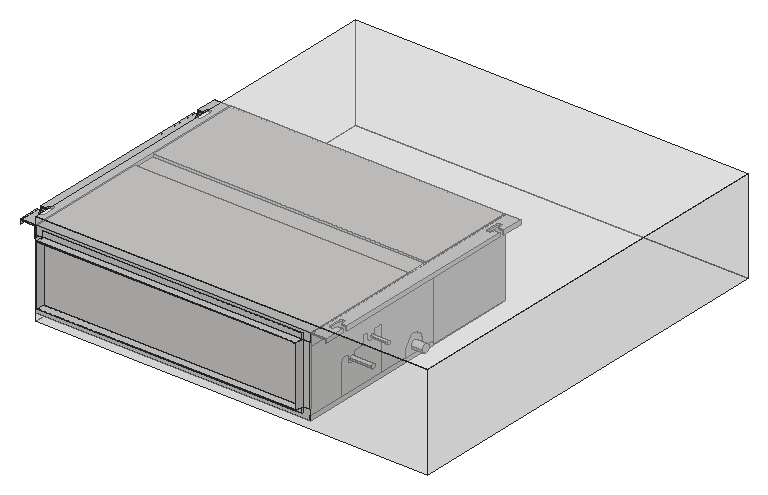
Revit family "outputfile", category 機械設備, Revit 2024
Family settings
  丸型コネクタ寸法 = 半径を使用
  パーツ タイプ = 標準
  OmniClass 番号 = 23.75.10.24.21.27.27
  OmniClass タイトル = Split System Air Conditioning Units
  作業面ベース = いいえ
  常に垂直 = はい
  ロード時にボイドで切り取り = いいえ
  注釈の向きを維持 = いいえ
  共有 = いいえ
  部屋計算ポイント = はい
Parameters (values of type "CDKP25PVM")
  Description = ""
  書き出し IFC クラス(タイプ) = "IfcUnitaryEquipmentType"
  定義済み IFC タイプ(タイプ) = "AIRCONDITIONINGUNIT"
  Cost = 0
  Type Comments = ""
  Keynote = ""
  Type Image = (empty or 0)
  Assembly Code = ""
  switch_frequency = yes
  ld_powersupply = Depth / 2  # 310.0 mm
  製造元 = "Daikin"
  モデル = "CDKP25PVM"
  r_Liquid Pipe Size = Liquid Pipe Size / 2  # 3.2 mm
  r_Gas Pipe Size = Gas Pipe Size / 2  # 4.75 mm
  r_Drain Pipe Size = Drain Pipe Size / 2  # 10.0 mm
  lw_powersupply = 50.0 mm  # constant formula
  lw_ductflange2 = 620.0 mm
  lw_Width = 660.0 mm
  lh_suctionflange [instance] = 100.0 mm  # constant formula
  ld_suctionflange [instance] = if(Rear Connection_Return Air, 190.0 mm, 100.0 mm)  # 190.0 mm
  connector_voltage = Voltage_50Hz  # 230 V
  connector_powerinput = [Power Input (Cooling)]  # 0.000 kW
  connector_phase = Phase_50Hz  # 1
  angle_vertical_RA [instance] = if(Rear Connection_Return Air, 90.00°, 0.00°)  # 90.00°
  angle horizontal_RA [instance] = if(Rear Connection_Return Air, 180.00°, 270.00°)  # 180.00°
  Voltage_comment_50Hz = "220 - 240"
  Voltage_50Hz = 230 V
  URL = ""
  Supply Air Direction [instance] = yes
  Sound Power Level_H speed (dB) = 0
  Rear Connection_Return Air [instance] = not(Bottom Connection_Return Air)  # yes
  RA_length [instance] = if(Rear Connection_Return Air, 190.0 mm, 100.0 mm)  # 190.0 mm
  Phase_50Hz = 1
  Minimum External Static Pressure = 0.00 Pa
  Minimum Circuit Amps_50Hz = 0.0 A
  Maximum Fuse Amps_50Hz = 0.0 A
  Maximum External Static Pressure = 30.00 Pa
  Material_Casing = DAIKIN_GalvanizedSteel_Casing_indoorunit
  lw_liquidpipe = 46.0 mm  # constant formula
  lw_gaspipe = 57.0 mm  # constant formula
  lw_mountinghole = 740.0 mm
  lw_drainpipe = 30.0 mm  # constant formula
  lh_powersupply = 150.0 mm  # constant formula
  lh_liquidpipe = 90.0 mm  # constant formula
  lh_gaspipe = 113.0 mm  # constant formula
  lh_mountinghole = Height  # 200.0 mm
  lh_drainpipe = 170.0 mm  # constant formula
  lh_antena = 1.0 mm  # constant formula
  ld_liquidpipe = 193.0 mm  # constant formula
  ld_gaspipe = 130.0 mm  # constant formula
  ld_mountinghole = 500.0 mm  # constant formula
  ld_drainpipe = 330.0 mm  # constant formula
  ld_controlbox = 626.0 mm  # constant formula
  h*** = 0.0 mm  # constant formula
  d_dischargeflange = 21.2 mm  # constant formula
  Width = 700.0 mm
  Version = "ver.1.0"
  Unit Type = "Duct (L.S.P)"
  Unit Mass Weight = 21.00 kg
  Unit Designation [instance] = ""
  Uniclass2015Version = "Products v1.30"
  Uniclass2015Title = "Split coil room air conditioning units"
  Uniclass2015Code = "Pr_70_65_03_86"
  Total Cooling Capacity [instance] = 0.000 kW
  Sound Pressure Level_M speed (dBA) = 33
  Sound Pressure Level_L speed (dBA) = 29
  Sound Pressure Level_H speed (dBA) = 35
  Series = "Multi Split_Fan Coil Unit"
  Sensible Cooling Capacity [instance] = 0.000 kW
  SA Duct Size Width = 660.0 mm
  SA Duct Size Height = 153.0 mm
  Refrigerant Type = "R32"
  RA Duct Size Width = 580.0 mm
  RA Duct Size Height = 160.0 mm
  Power Input (Cooling) = 0.000 kW
  Option Accessory 3 [instance] = ""
  Option Accessory 2 [instance] = ""
  Option Accessory 1 [instance] = ""
  Nominal Cooling Capacity = 2.500 kW
  Minimum Airflow = 438.00 m³/h
  Median Airflow = 480.00 m³/h
  Maximum Airflow = 522.00 m³/h
  Load Classification = HVAC
  Liquid Pipe Size = 6.4 mm
  Link_Nested Family [instance] = ""
  IfcVersion = ""
  IfcExportType = "AIRCONDITIONINGUNIT"
  IfcExportAs = "IfcUnitaryEquipmentType"
  Height = 200.0 mm
  Heat Exchanger Type = "Cross Fin Coil"
  Gas Pipe Size = 9.5 mm
  Frequency_50Hz = 50 Hz
  Fan Type = "Sirocco Fan"
  Fan Drive = "Direct Drive"
  FCU Tag No. [instance] = ""
  Drain Pipe Size = 20.0 mm
  Design Supply Airflow [instance] = 0.00 m³/h
  Design Return Airflow [instance] = 0.00 m³/h
  Design External Static Pressure [instance] = 0.00 Pa
  Depth = 620.0 mm
  既定の高さ = 0.0 mm
  Cooling Entering Wet Bulb Temperature [instance] = 0.00 °C
  Cooling Entering Dry Bulb Temperature [instance] = 0.00 °C
  Cooling Ambient Wet Bulb Temperature [instance] = 0.00 °C
  Cooling Ambient Dry Bulb Temperature [instance] = 0.00 °C
  Clearance visibility [instance] = yes
  Clearance Top = 20.0 mm
  Clearance Right = 300.0 mm
  Clearance Rear = 400.0 mm
  Clearance Left = 0.0 mm
  Clearance Front = 0.0 mm
  Clearance Bottom = 20.0 mm
  Bottom Connection_Return Air [instance] = no
Reference planes
  plane 1 "Center (Front/Back)": y = 0
  plane 2: z = 0
  plane 3 "Center (Left/Right)": x = 0
  plane 4 "Back": y = 310
  plane 5 "Front": y = -310
  plane 6 "Left": x = -350
  plane 7 "Right": x = 350
  plane 8 "Top": z = 0
  plane 9 "Bottom": z = -200
  plane 10: x = -370
  plane 11: x = 370
  plane 12: y = 250
  plane 13: z = 0
  plane 14 "Clearance Left": x = -350
  plane 15 "Clearance Right": x = 650
  plane 16 "Clearance Rear": y = 710
  plane 17 "Clearance Front": y = -310
  plane 18 "Clearance Top": z = 20
  plane 19 "Clearance Bottom": z = -220
  plane 20: y = -250
  plane 21: z = -21
  plane 22: z = -97.5
  plane 23: x = -40
  plane 24: y = 120
  plane 25: z = -100
  plane 26: y = -180
  plane 27: z = -113
  plane 28: y = -117
  plane 29: z = -90
  plane 30: y = 20
  plane 31: z = -170
  plane 32: x = 407
  plane 33: x = 396
  plane 34: x = 380
  plane 35: x = 300
  plane 36: z = -150
Forms (mm)
  Extrusion 1, solid, material "DAIKIN_GalvanizedSteel_Casing_indoorunit" <- "Material_Casing"
    sketch origin (0, 0, 0) x (1, 0, 0) y (0, 1, 0)
      loop
        line (-350, -310) -> (350, -310) -> (350, 310) -> (-350, 310) -> (-350, -310)
    from -200 to 0
  Extrusion 2, void
    sketch origin (0, 0, 1) x (1, 0, 0) y (0, 1, 0)
      loop
        line (-350, 61.5) -> (-350, 3.5) -> (350, 3.5) -> (350, 61.5) -> (-350, 61.5)
    from -1 to -7
  Extrusion 3, solid, material "DAIKIN_GalvanizedSteel_Casing_indoorunit" <- "Material_Casing", visible <- "Bottom Connection_Return Air"
    sketch origin (0, 0, 0) x (1, 0, 0) y (0, 0, 1)
      loop
        line (269, -200) -> (269, -1) -> (-349, -1) -> (-349, -200) -> (269, -200)
    from -310 to -309
  Extrusion 4, solid, material "DAIKIN_GalvanizedSteel_Casing_indoorunit" <- "Material_Casing", visible <- "Rear Connection_Return Air"
    sketch origin (0, 0, 0) x (1, 0, 0) y (0, 1, 0)
      loop
        line (-349, 310) -> (-349, 111) -> (269, 111) -> (269, 310) -> (-349, 310)
    from -200 to -199
  Extrusion 5, solid, material "DAIKIN_GalvanizedSteel_Casing_indoorunit" <- "Material_Casing"
    sketch origin (350, 0, 0) x (0, 1, 0) y (0, 0, 1)
      loop
        circle (-180, -113) r 4.75
    from 0 to 57
  Extrusion 6, solid, material "DAIKIN_GalvanizedSteel_Casing_indoorunit" <- "Material_Casing"
    sketch origin (350, 0, 0) x (0, 1, 0) y (0, 0, 1)
      loop
        circle (-117, -90) r 3.2
    from 0 to 46
  Extrusion 7, solid, material "DAIKIN_GalvanizedSteel_Casing_indoorunit" <- "Material_Casing"
    sketch origin (350, 0, 0) x (0, 1, 0) y (0, 0, 1)
      loop
        circle (20, -170) r 10
    from 0 to 30
  Extrusion 8, solid, material "DAIKIN_GalvanizedSteel_Casing_indoorunit" <- "Material_Casing"
    sketch origin (350, 0, 0) x (0, 1, 0) y (0, 0, 1)
      loop
        line (-310, -200) -> (78.6, -200) -> (78.6, -193)
        arc (78.6, -193) -> (77.721, -190.879) -> (75.6, -190) r 3
        line (75.6, -190) -> (-310, -190) -> (-310, -200)
    from 0 to -1
  Extrusion 9, solid, material "DAIKIN_GalvanizedSteel_Casing_indoorunit" <- "Material_Casing"
    sketch origin (350, 0, 0) x (0, 1, 0) y (0, 0, 1)
      loop
        line (-210, -190) -> (-85.6, -190) -> (-85.6, -83)
        arc (-85.6, -83) -> (-86.479, -80.879) -> (-88.6, -80) r 3
        line (-88.6, -80) -> (-102, -80)
        arc (-102, -80) -> (-104.121, -80.879) -> (-105, -83) r 3
        line (-105, -83) -> (-105, -90)
        arc (-105, -90) -> (-117, -102) -> (-129, -90) r 12
        line (-129, -90) -> (-129, -83)
        arc (-129, -83) -> (-129.879, -80.879) -> (-132, -80) r 3
        line (-132, -80) -> (-136.1, -80)
        arc (-136.1, -80) -> (-138.221, -80.879) -> (-139.1, -83) r 3
        line (-139.1, -83) -> (-139.1, -102.7) -> (-165, -102.7)
        arc (-165, -102.7) -> (-167.121, -103.579) -> (-168, -105.7) r 3
        line (-168, -105.7) -> (-168, -113)
        arc (-168, -113) -> (-180, -125) -> (-192, -113) r 12
        line (-192, -113) -> (-192, -105.7)
        arc (-192, -105.7) -> (-192.879, -103.579) -> (-195, -102.7) r 3
        line (-195, -102.7) -> (-207, -102.7)
        arc (-207, -102.7) -> (-209.121, -103.579) -> (-210, -105.7) r 3
        line (-210, -105.7) -> (-210, -190)
    from 0 to -1
  Extrusion 10, solid, material "DAIKIN_GalvanizedSteel_Casing_indoorunit" <- "Material_Casing"
    sketch origin (350, 0, 0) x (0, 1, 0) y (0, 0, 1)
      loop
        arc (44.5, -170) -> (20, -145.5) -> (-4.5, -170) r 24.5
        line (-4.5, -170) -> (-4.5, -190) -> (44.5, -190) -> (44.5, -170)
    from 0 to -1
  Extrusion 11, solid, material "DAIKIN_GalvanizedSteel_Casing_indoorunit" <- "Material_Casing"
    sketch origin (350, 0, 0) x (0, 1, 0) y (0, 0, 1)
      loop
        arc (86.6, -22) -> (84.479, -22.879) -> (83.6, -25) r 3
        line (83.6, -25) -> (83.6, -194.5)
        arc (83.6, -194.5) -> (84.479, -196.621) -> (86.6, -197.5) r 3
        line (86.6, -197.5) -> (307, -197.5)
        arc (307, -197.5) -> (309.121, -196.621) -> (310, -194.5) r 3
        line (310, -194.5) -> (310, -25)
        arc (310, -25) -> (309.121, -22.879) -> (307, -22) r 3
        line (307, -22) -> (86.6, -22)
    from 0 to -1
Cuts and joins
  Extrusion 2 cuts Extrusion 1
Dimensions and locks
  "Height": plane 8 "Top" to plane 9 "Bottom"
  equal spacing: plane 10, plane 3 "Center (Left/Right)", plane 11
  "lw_mountinghole": plane 10 to plane 11
  equal spacing: plane 6 "Left", plane 3 "Center (Left/Right)", plane 7 "Right"
  "Width": plane 6 "Left" to plane 7 "Right"
  "Clearance Right": plane 7 "Right" to plane 15 "Clearance Right"
  "Clearance Left": plane 14 "Clearance Left" to plane 6 "Left"
  "Clearance Rear": plane 16 "Clearance Rear" to plane 4 "Back"
  "Clearance Front": plane 5 "Front" to plane 17 "Clearance Front"
  "Clearance Top": plane 18 "Clearance Top" to plane 8 "Top"
  "Clearance Bottom": plane 9 "Bottom" to plane 19 "Clearance Bottom"
  "Depth": plane 4 "Back" to plane 5 "Front"
  equal spacing: plane 4 "Back", plane 1 "Center (Front/Back)", plane 5 "Front"
  Extrusion 3 sketch curve to Extrusion 3 sketch curve = 199.0 mm
  locked: plane 20 to plane 5 "Front" at 60
  "ld_mountinghole": plane 12 to plane 20
  locked: plane 8 "Top" to plane 21 at 21
  locked: plane 23 to plane 3 "Center (Left/Right)" at 40
  "ld_suctionflange": plane 4 "Back" to plane 24
  "lh_suctionflange": plane 8 "Top" to plane 25
  "ld_gaspipe": plane 26 to plane 5 "Front"
  "lh_gaspipe": plane 8 "Top" to plane 27
  "ld_liquidpipe": plane 28 to plane 5 "Front"
  "lh_liquidpipe": plane 8 "Top" to plane 29
  "ld_drainpipe": plane 30 to plane 5 "Front"
  "lh_drainpipe": plane 8 "Top" to plane 31
  "lw_gaspipe": plane 7 "Right" to plane 32
  "lw_liquidpipe": plane 7 "Right" to plane 33
  "lw_drainpipe": plane 7 "Right" to plane 34
  "lw_powersupply": plane 35 to plane 7 "Right"
  "lh_powersupply": plane 8 "Top" to plane 36
  "r_Gas Pipe Size": radius of Extrusion 5 sketch curve
  "r_Liquid Pipe Size": radius of Extrusion 6 sketch curve
  "r_Drain Pipe Size": radius of Extrusion 7 sketch curve
  aligned and locked: level to plane 2
  aligned and locked: Extrusion 1 to plane 9 "Bottom"
  aligned and locked: plane 8 "Top" to Extrusion 1
  aligned and locked: plane 11 to nested 2
  aligned and locked: plane 10 to nested 3
  aligned and locked: plane 10 to nested 4
  aligned and locked: plane 8 "Top" to Extrusion 2
  aligned and locked: plane 9 "Bottom" to Extrusion 4  (x2)
  aligned and locked: plane 7 "Right" to cut or joined group of Extrusion 1, Extrusion 2  (x2)
  aligned and locked: plane 3 "Center (Left/Right)" to nested 9
  aligned and locked: plane 6 "Left" to nested 7
  aligned and locked: plane 8 "Top" to nested 9
  aligned and locked: plane 11 to nested 1
  aligned and locked: nested 6 to plane 1 "Center (Front/Back)"
  aligned and locked: plane 3 "Center (Left/Right)" to nested 6
  aligned and locked: level to plane 8 "Top"
  aligned and locked: plane 1 "Center (Front/Back)" to nested 9
  aligned and locked: plane 5 "Front" to nested 10
  aligned and locked: Extrusion 1 sketch curve to plane 5 "Front"
  aligned and locked: plane 21 to nested 10
  aligned and locked: nested 5 to plane 5 "Front"
  aligned and locked: plane 3 "Center (Left/Right)" to nested 5
  aligned and locked: plane 22 to nested 5
  aligned and locked: Extrusion 2 sketch curve to plane 6 "Left"
  aligned and locked: plane 7 "Right" to Extrusion 2 sketch curve
  aligned and locked: nested 11 to plane 23
  aligned and locked: nested 11 to plane 24
  aligned and locked: plane 27 to Extrusion 5 sketch curve
  aligned and locked: plane 26 to Extrusion 5 sketch curve
  aligned and locked: plane 28 to Extrusion 6 sketch curve
  aligned and locked: plane 29 to Extrusion 6 sketch curve
  aligned and locked: plane 31 to Extrusion 7 sketch curve
  aligned and locked: plane 30 to Extrusion 7 sketch curve
  aligned and locked: plane 26 to nested 12
  aligned and locked: nested 12 to plane 27
  aligned and locked: plane 32 to Extrusion 5
  aligned and locked: plane 32 to nested 12
  aligned and locked: plane 33 to Extrusion 6
  aligned and locked: plane 28 to nested 13
  aligned and locked: nested 13 to plane 29
  aligned and locked: plane 33 to nested 13
  aligned and locked: plane 34 to Extrusion 7
  aligned and locked: plane 30 to nested 14
  aligned and locked: nested 14 to plane 31
  aligned and locked: plane 34 to nested 14
  aligned and locked: Extrusion 8 sketch curve to plane 9 "Bottom"
  aligned and locked: Extrusion 8 sketch curve to plane 5 "Front"
  aligned and locked: plane 14 "Clearance Left" to nested 15
  aligned and locked: plane 15 "Clearance Right" to nested 15
  aligned and locked: plane 16 "Clearance Rear" to nested 15
  aligned and locked: nested 15 to plane 17 "Clearance Front"
  aligned and locked: nested 15 to plane 18 "Clearance Top"
  aligned and locked: nested 15 to plane 19 "Clearance Bottom"
  aligned and locked: nested 16 to plane 35
  aligned and locked: nested 16 to plane 36
  aligned and locked: plane 4 "Back" to nested 16
Automatic sketch dimensions
  Extrusion 1 sketch curve to plane 4 "Back" = 0.0 mm
  Extrusion 1 sketch curve to plane 6 "Left" = 0.0 mm
  Extrusion 1 sketch curve to plane 7 "Right" = 0.0 mm
  Extrusion 4 sketch curve to plane 4 "Back" = 0.0 mm
  plane 6 "Left" to Extrusion 3 sketch curve = 1.0 mm
  plane 6 "Left" to Extrusion 4 sketch curve = 1.0 mm
  Extrusion 4 sketch curve to plane 1 "Center (Front/Back)" = 111.0 mm
  Extrusion 3 sketch curve to plane 9 "Bottom" = 0.0 mm
  Extrusion 3 sketch curve to plane 7 "Right" = 81.0 mm
  Extrusion 4 sketch curve to plane 7 "Right" = 81.0 mm
  Extrusion 2 sketch curve to plane 1 "Center (Front/Back)" = 3.5 mm
  Extrusion 2 sketch curve to Extrusion 2 sketch curve = 58.0 mm
  plane 9 "Bottom" to Extrusion 8 sketch curve = 7.0 mm
  Extrusion 8 sketch curve to plane 24 = 44.4 mm
  Extrusion 8 sketch curve to Extrusion 8 sketch curve = 3.0 mm
  Extrusion 9 sketch curve to plane 27 = 0.0 mm
  Extrusion 9 sketch curve to plane 26 = 0.0 mm
  Extrusion 9 sketch curve to plane 29 = 0.0 mm
  Extrusion 9 sketch curve to plane 28 = 0.0 mm
  Extrusion 9 sketch curve to plane 26 = 12.0 mm
  Extrusion 9 sketch curve to plane 25 = 2.7 mm  (x2)
  Extrusion 9 sketch curve to Extrusion 9 sketch curve = 3.0 mm  (x6)
  Extrusion 9 sketch curve to Extrusion 9 sketch curve = 12.0 mm
  plane 9 "Bottom" to Extrusion 9 sketch curve = 10.0 mm
  Extrusion 9 sketch curve to plane 26 = 30.0 mm
  Extrusion 9 sketch curve to plane 28 = 22.1 mm
  Extrusion 9 sketch curve to Extrusion 9 sketch curve = 4.1 mm
  plane 29 to Extrusion 9 sketch curve = 7.0 mm  (x2)
  Extrusion 9 sketch curve to Extrusion 9 sketch curve = 13.4 mm
  Extrusion 10 sketch curve to plane 30 = 0.0 mm
  Extrusion 10 sketch curve to plane 31 = 0.0 mm
  plane 1 "Center (Front/Back)" to Extrusion 10 sketch curve = 4.5 mm
  plane 9 "Bottom" to Extrusion 10 sketch curve = 10.0 mm
  Extrusion 11 sketch curve to plane 4 "Back" = 0.0 mm
  Extrusion 11 sketch curve to Extrusion 11 sketch curve = 3.0 mm  (x3)
  Extrusion 11 sketch curve to plane 21 = 1.0 mm
  Extrusion 11 sketch curve to plane 21 = 4.0 mm
  Extrusion 11 sketch curve to plane 24 = 33.4 mm
  plane 9 "Bottom" to Extrusion 11 sketch curve = 5.5 mm
Nested families
  nested 1: "daikin_mountinghole" at (370, 250, -200), l_antenna <- "lh_antena", Link_Nested Family <- "Link_Nested Family", h_mountinghole <- "lh_mountinghole", type "daikin_mountinghole"
    with show yes, l_antenna 1.0 mm, h_mountinghole 200.0 mm, Link_Nested Family ""
  nested 2: "daikin_mountinghole" at (370, -250, -200), Link_Nested Family <- "Link_Nested Family", l_antenna <- "lh_antena", h_mountinghole <- "lh_mountinghole", type "daikin_mountinghole"
    with show yes, l_antenna 1.0 mm, h_mountinghole 200.0 mm, Link_Nested Family ""
  nested 3: "daikin_mountinghole" at (-370, -250, -200), l_antenna <- "lh_antena", Link_Nested Family <- "Link_Nested Family", h_mountinghole <- "lh_mountinghole", type "daikin_mountinghole"
    with show yes, l_antenna 1.0 mm, h_mountinghole 200.0 mm, Link_Nested Family ""
  nested 4: "daikin_mountinghole" at (-370, 250, -200), l_antenna <- "lh_antena", Link_Nested Family <- "Link_Nested Family", h_mountinghole <- "lh_mountinghole", type "daikin_mountinghole"
    with show yes, l_antenna 1.0 mm, h_mountinghole 200.0 mm, Link_Nested Family ""
  nested 5: "daikin_connector_rotate2" at (0, -310, -97.5), length <- "d_dischargeflange", type "daikin_connector_rotate2"
    with radius 10.0 mm, length 21.2 mm, angle_vertical 90.00°, show_face no
  nested 6: "daikin_△_symbolicline" at (-75, -129.904, 200) x (-0.5, 0.866, 0) z (0, 0, 1), built-in parameter 1001364 <- "Height", visible <- "Supply Air Direction", type "daikin_△_symbolicline"
    with length 300.0 mm
  nested 7: "daikin_ductflange_CDKP-PVM_1" at (-40, 310, -100), visible <- "Rear Connection_Return Air", material <- "Material_Casing", width <- "lw_ductflange2", type "daikin_ductflange_CDKP-PVM_1"
    with width 620.0 mm, material DAIKIN_GalvanizedSteel_Casing_indoorunit, height 180.0 mm, depth 21.2 mm
  nested 8: "daikin_ductflange_CDKP-PVM_1" at (-40, 210, -200) x (1, 0, 0) z (0, 1, 0), visible <- "Bottom Connection_Return Air", material <- "Material_Casing", width <- "lw_ductflange2", type "daikin_ductflange_CDKP-PVM_1"
    with width 620.0 mm, material DAIKIN_GalvanizedSteel_Casing_indoorunit, height 180.0 mm, depth 21.2 mm
  nested 9: "daikin_hangerfixture_CDKP-PVM" at (0, 0, 0), type "daikin_hangerfixture_CDKP-PVM"
  nested 10: "daikin_ductflange_CDKP-PVM" at (0, 3.5, -364.201), width <- "lw_Width", material <- "Material_Casing", type "daikin_ductflange_CDKP-PVM"
    with width 660.0 mm, material DAIKIN_GalvanizedSteel_Casing_indoorunit, height 155.0 mm, depth 21.2 mm
  nested 11: "daikin_connector_rotate3" at (-40, 120, -100), length <- "RA_length", angle_vertical <- "angle_vertical_RA", angle_horizontal <- "angle horizontal_RA", type "daikin_connector_rotate3"
    with show no, radius 10.0 mm, length 190.0 mm, angle_vertical 90.00°, angle_horizontal 180.00°
  nested 12: "daikin_connector_rotate2" at (350, -180, -113) x (0, 1, 0) z (0, 0, 1), length <- "lw_gaspipe", radius <- "r_Gas Pipe Size", type "daikin_connector_rotate2"
    with radius 4.75 mm, length 57.0 mm, angle_vertical 90.00°, show_face no
  nested 13: "daikin_connector_rotate2" at (350, -117, -90) x (0, 1, 0) z (0, 0, 1), radius <- "r_Liquid Pipe Size", length <- "lw_liquidpipe", type "daikin_connector_rotate2"
    with radius 3.2 mm, length 46.0 mm, angle_vertical 90.00°, show_face no
  nested 14: "daikin_connector_rotate2" at (350, 20, -170) x (0, 1, 0) z (0, 0, 1), radius <- "r_Drain Pipe Size", length <- "lw_drainpipe", type "daikin_connector_rotate2"
    with radius 10.0 mm, length 30.0 mm, angle_vertical 90.00°, show_face no
  nested 15: "daikin_clearancespace" at (150, 200, -99.881), visible <- "Clearance visibility", Link_Nested Family <- "Link_Nested Family", show <- "Clearance visibility", type "daikin_clearancespace"
    with width 1000.0 mm, show yes, height 240.0 mm, depth 1020.0 mm, Link_Nested Family ""
  nested 16: "daikin_connector_rotate2" at (300, 0, -150) x (-1, 0, 0) z (0, 0, 1), length <- "ld_powersupply", type "daikin_connector_rotate2"
    with radius 10.0 mm, length 310.0 mm, angle_vertical 90.00°, show_face no
Connectors
  hvac at (0, -331.2, -97.5), driven by "SA Duct Size Height", driven by "SA Duct Size Width"
    settings: on nested 5, index 1, duct flow 0.00 m³/h, flow factor 0, pres drop 0.00 Pa, loss coef 0, conn angle 0.00°, conn width 660.0 mm, conn height 153.0 mm, conn diameter 609.6 mm, duct sys type 1, conn prof type 1, flow config 0, flow direction 2, loss method 4, conn ref index -1, conn util no, is conn primary yes, conn desc "SA Duct"
  hvac at (-40, 310, -100), driven by "RA Duct Size Height", driven by "RA Duct Size Width"
    settings: on nested 11, index 2, duct flow 0.00 m³/h, flow factor 0, pres drop 0.00 Pa, loss coef 0, conn angle 0.00°, conn width 580.0 mm, conn height 160.0 mm, conn diameter 609.6 mm, duct sys type 2, conn prof type 1, flow config 0, flow direction 1, loss method 4, conn ref index -1, conn util no, is conn primary no, conn desc "RA Duct"
  piping at (407, -180, -113), diameter 9.5, driven by "r_Gas Pipe Size"
    settings: on nested 12, index 3, connector inside diameter 609.6 mm, connector length 0.0 mm, flow factor 0, pipe flow 0.00 m³/h, pressure drop 0.0 Pa, fitting loss kfactor 0, connector angle 0.00°, fixture units 0, engagement length 0.0 mm, angle of deflection 0.00°, flow configuration 1, flow direction 2, fitting loss method 0, system type 29, joint type 0, gender type 0, connector reference index -1, connector utility 0, adjustable connector no, is connector primary yes, connector description "Refrigerant Gas Piping"
  piping at (396, -117, -90), diameter 6.4, driven by "r_Liquid Pipe Size"
    settings: on nested 13, index 4, connector inside diameter 609.6 mm, connector length 0.0 mm, flow factor 0, pipe flow 0.00 m³/h, pressure drop 0.0 Pa, fitting loss kfactor 0, connector angle 0.00°, fixture units 0, engagement length 0.0 mm, angle of deflection 0.00°, flow configuration 1, flow direction 1, fitting loss method 0, system type 29, joint type 0, gender type 0, connector reference index -1, connector utility 0, adjustable connector no, is connector primary no, connector description "Refrigerant Liquid Piping"
  piping at (380, 20, -170), diameter 20, driven by "r_Drain Pipe Size"
    settings: on nested 14, index 5, connector inside diameter 609.6 mm, connector length 0.0 mm, flow factor 0, pipe flow 0.00 m³/h, pressure drop 0.0 Pa, fitting loss kfactor 0, connector angle 0.00°, fixture units 0, engagement length 0.0 mm, angle of deflection 0.00°, flow configuration 1, flow direction 2, fitting loss method 4, system type 16, joint type 0, gender type 0, connector reference index -1, connector utility 0, adjustable connector no, is connector primary no, connector description "Condensate Drain Piping"
  electrical at (300, 310, -150), driven by "Load Classification", driven by "connector_phase", driven by "connector_voltage", driven by "connector_powerinput"
    settings: on nested 16, index 6, voltage 230 V, apparent load 0 VA, apparent load phase1 0 VA, apparent load phase2 0 VA, apparent load phase3 0 VA, power factor 1, load classification "HVAC", number of poles 1, system type 30, power factor state 1, is connector primary yes, connector utility no, sub classification motor no, connector description "Power Supply"
Definition of nested family "daikin_ductflange_CDKP-PVM_1"
  Parameters (values of type "daikin_ductflange_CDKP-PVM_1")
    width [instance] = 620.0 mm
    material [instance] = none
    height [instance] = 180.0 mm
    depth [instance] = 21.2 mm
    Default Elevation = 0.0 mm
  Reference planes
    plane 1 "Center (Front/Back)": y = 0
    plane 2: z = 0
    plane 3 "Center (Left/Right)": x = 0
    plane 4: x = -310
    plane 5: x = 310
    plane 6: z = 90
    plane 7: z = -90
    plane 8: z = 100
    plane 9: z = -100
    plane 10: x = -309
    plane 11: x = 309
  Forms (mm)
    Extrusion 1, solid, material <- "material"
      sketch origin (0, 0, 0) x (1, 0, 0) y (0, 0, 1)
        loop
          line (-290, 80) -> (-290, -80) -> (290, -80) -> (290, 80) -> (-290, 80)
        loop
          line (-309, -99) -> (309, -99) -> (309, 99) -> (-309, 99) -> (-309, -99)
      from 0 to 1
  Dimensions and locks
    equal spacing: plane 5, plane 3 "Center (Left/Right)", plane 4, locked at 310 each
    "width": plane 5 to plane 4
    equal spacing: plane 6, level, plane 7, locked at 90 each
    "height": plane 6 to plane 7
    equal spacing: plane 8, level, plane 9, locked at 100 each
    locked: plane 8 to plane 9 at 200
    plane 10 to plane 4 = 1.0 mm
    locked: plane 5 to plane 11 at 1
    locked: Extrusion 1 sketch curve to Extrusion 1 sketch curve at 19  (x4)
    locked: plane 8 to Extrusion 1 sketch curve at 1
    locked: Extrusion 1 sketch curve to plane 9 at 1
    aligned and locked: level to plane 2
  Automatic sketch dimensions
    plane 4 to Extrusion 1 sketch curve = 1.0 mm
    Extrusion 1 sketch curve to plane 5 = 1.0 mm
Definition of nested family "daikin_hangerfixture_CDKP-PVM"
  Parameters (values of type "daikin_hangerfixture_CDKS-EAVMA")
    width = 700.0 mm
    material = none
    height = 30.0 mm
    depth = 618.0 mm
    Default Elevation = 0.0 mm
  Reference planes
    plane 1 "Center (Front/Back)": y = 0
    plane 2: z = 0
    plane 3 "Center (Left/Right)": x = 0
    plane 4: x = 350
    plane 5: y = 309
    plane 6: y = -309
    plane 7: x = -350
    plane 8: z = -30
  Forms (mm)
    Extrusion 1, solid, material <- "material"
      sketch origin (0, 0, 0) x (1, 0, 0) y (0, 0, 1)
        loop
          line (350, 0) -> (350, -30) -> (352.3, -30) -> (352.3, -2.3) -> (387.7, -2.3) -> (387.7, -10) -> (390, -10) -> (390, 0) -> (350, 0)
      from -309 to 309
    Extrusion 2, void
      sketch origin (0, 0, 0) x (0, 1, 0) y (0, 0, 1)
        loop
          line (309, -30) -> (309, -17.979) -> (87.935, -17.979) -> (75.914, -30) -> (309, -30)
      from 0 to 450
    Extrusion 3, void
      sketch origin (0, 0, 0) x (1, 0, 0) y (0, 1, 0)
        loop
          line (390, -243.5) -> (377, -243.5) -> (377, -237)
          arc (377, -237) -> (370, -230) -> (363, -237) r 7
          line (363, -237) -> (363, -263)
          arc (363, -263) -> (370, -270) -> (377, -263) r 7
          line (377, -263) -> (377, -256.5) -> (390, -256.5) -> (390, -243.5)
        loop
          line (390, 243.5) -> (390, 256.5) -> (377, 256.5) -> (377, 263)
          arc (377, 263) -> (370, 270) -> (363, 263) r 7
          line (363, 263) -> (363, 237)
          arc (363, 237) -> (370, 230) -> (377, 237) r 7
          line (377, 237) -> (377, 243.5) -> (390, 243.5)
      from -254.96 to 618
    Extrusion 4, solid, material <- "material"
      sketch origin (0, 0, 0) x (-1, 0, 0) y (0, 0, -1)
        loop
          line (350, 0) -> (390, 0) -> (390, 10) -> (387.7, 10) -> (387.7, 2.3) -> (352.3, 2.3) -> (352.3, 30) -> (350, 30) -> (350, 0)
      from -309 to 309
    Extrusion 5, void
      sketch origin (0, 0, 0) x (-1, 0, 0) y (0, -1, 0)
        loop
          line (390, 243.5) -> (390, 256.5) -> (377, 256.5) -> (377, 263)
          arc (377, 263) -> (370, 270) -> (363, 263) r 7
          line (363, 263) -> (363, 237)
          arc (363, 237) -> (370, 230) -> (377, 237) r 7
          line (377, 237) -> (377, 243.5) -> (390, 243.5)
        loop
          line (390, -243.5) -> (377, -243.5) -> (377, -237)
          arc (377, -237) -> (370, -230) -> (363, -237) r 7
          line (363, -237) -> (363, -263)
          arc (363, -263) -> (370, -270) -> (377, -263) r 7
          line (377, -263) -> (377, -256.5) -> (390, -256.5) -> (390, -243.5)
      from -254.96 to 618
  Cuts and joins
    Extrusion 2, Extrusion 3, Extrusion 5 cuts Extrusion 1
    Extrusion 5 cuts Extrusion 4
  Dimensions and locks
    equal spacing: plane 5, plane 1 "Center (Front/Back)", plane 6
    "depth": plane 5 to plane 6
    plane 6 to plane 1 "Center (Front/Back)" to plane 5 = 309.0 mm, 309.0 mm
    equal spacing: plane 4, plane 3 "Center (Left/Right)", plane 7
    "width": plane 4 to plane 7
    "height": level to plane 8
    aligned and locked: level to plane 2
    aligned and locked: plane 5 to Extrusion 1
    aligned and locked: Extrusion 1 to plane 6
    aligned and locked: Extrusion 1 to plane 4
    aligned and locked: plane 5 to cut or joined group of Extrusion 1, Extrusion 2, Extrusion 3, Extrusion 5
    aligned and locked: cut or joined group of Extrusion 1, Extrusion 2, Extrusion 3, Extrusion 5 to plane 6
    aligned and locked: level to cut or joined group of Extrusion 1, Extrusion 2, Extrusion 3, Extrusion 5
    aligned and locked: cut or joined group of Extrusion 1, Extrusion 2, Extrusion 3, Extrusion 5 to plane 8
    aligned and locked: plane 5 to cut or joined group of Extrusion 4, Extrusion 5
    aligned and locked: cut or joined group of Extrusion 4, Extrusion 5 to plane 6
  Automatic sketch dimensions
    Extrusion 1 sketch curve to plane 4 = 0.0 mm
    Extrusion 1 sketch curve to plane 8 = 0.0 mm
    Extrusion 1 sketch curve to level = 0.0 mm
    plane 4 to Extrusion 1 sketch curve = 2.3 mm
    Extrusion 1 sketch curve to level = 2.3 mm
    Extrusion 1 sketch curve to Extrusion 1 sketch curve = 35.4 mm
    Extrusion 1 sketch curve to Extrusion 1 sketch curve = 2.3 mm
    Extrusion 1 sketch curve to Extrusion 1 sketch curve = 7.7 mm
    Extrusion 2 sketch curve to plane 8 = 0.0 mm
    Extrusion 2 sketch curve to plane 5 = 0.0 mm
    plane 8 to Extrusion 2 sketch curve = 12.021 mm
    Extrusion 2 sketch curve to plane 1 "Center (Front/Back)" = 87.935 mm
    Extrusion 2 sketch curve to Extrusion 2 sketch curve = 12.021 mm
    plane 4 to Extrusion 3 sketch curve = 13.0 mm  (x2)
    Extrusion 3 sketch curve to Extrusion 3 sketch curve = 7.0 mm  (x4)
    Extrusion 3 sketch curve to Extrusion 3 sketch curve = 13.0 mm  (x4)
    plane 6 to Extrusion 3 sketch curve = 46.0 mm
    Extrusion 3 sketch curve to Extrusion 3 sketch curve = 6.5 mm  (x4)
    Extrusion 3 sketch curve to plane 5 = 72.0 mm
    Extrusion 4 sketch curve to plane 7 = 0.0 mm
    Extrusion 4 sketch curve to plane 8 = 0.0 mm
    Extrusion 4 sketch curve to level = 0.0 mm
    Extrusion 4 sketch curve to plane 7 = 2.3 mm
    Extrusion 4 sketch curve to level = 2.3 mm
    Extrusion 4 sketch curve to Extrusion 4 sketch curve = 35.4 mm
    Extrusion 4 sketch curve to Extrusion 4 sketch curve = 2.3 mm
    Extrusion 4 sketch curve to Extrusion 4 sketch curve = 7.7 mm
    Extrusion 5 sketch curve to plane 7 = 13.0 mm  (x2)
    Extrusion 5 sketch curve to Extrusion 5 sketch curve = 7.0 mm  (x4)
    Extrusion 5 sketch curve to Extrusion 5 sketch curve = 13.0 mm  (x4)
    Extrusion 5 sketch curve to plane 5 = 46.0 mm
    Extrusion 5 sketch curve to Extrusion 5 sketch curve = 6.5 mm  (x4)
    plane 6 to Extrusion 5 sketch curve = 72.0 mm
Definition of nested family "daikin_ductflange_CDKP-PVM"
  Parameters (values of type "daikin_ductflange_FXDQ-NDVET")
    width [instance] = 660.0 mm
    material [instance] = none
    height [instance] = 155.0 mm
    depth [instance] = 21.2 mm
    Default Elevation = 0.0 mm
  Reference planes
    plane 1 "Center (Front/Back)": y = 0
    plane 2: z = 189.201
    plane 3 "Center (Left/Right)": x = 0
    plane 4: y = -313.5
    plane 5: x = -330
    plane 6: x = 330
    plane 7: y = -334.7
    plane 8: z = 344.201
    plane 9: z = 266.701
    plane 10: z = 343.201
    plane 11: z = 190.201
  Forms (mm)
    Extrusion 1, solid, material <- "material"
      sketch origin (0, 0, 189.201) x (1, 0, 0) y (0, 1, 0)
        loop
          line (-330, -334.7) -> (-330, -313.5) -> (-350, -313.5) -> (-350, -314.5) -> (-331, -314.5) -> (-331, -334.7) -> (-330, -334.7)
        loop
          line (330, -334.7) -> (331, -334.7) -> (331, -314.5) -> (350, -314.5) -> (350, -313.5) -> (330, -313.5) -> (330, -334.7)
      from 1 to 154
    Extrusion 2, solid, material <- "material"
      sketch origin (0, 0, 0) x (0, 1, 0) y (0, 0, 1)
        loop
          line (-313.5, 343.201) -> (-313.5, 358.201) -> (-314.5, 358.201) -> (-314.5, 344.201) -> (-334.7, 344.201) -> (-334.7, 343.201) -> (-313.5, 343.201)
        loop
          line (-313.5, 190.201) -> (-334.7, 190.201) -> (-334.7, 189.201) -> (-314.5, 189.201) -> (-314.5, 175.201) -> (-313.5, 175.201) -> (-313.5, 190.201)
      from -330 to 330
  Dimensions and locks
    plane 4 to plane 1 "Center (Front/Back)" = 313.5 mm
    "depth": plane 7 to plane 4
    equal spacing: plane 8, plane 9, level
    "height": plane 8 to level
    equal spacing: plane 6, plane 3 "Center (Left/Right)", plane 5
    "width": plane 6 to plane 5
    locked: plane 8 to plane 10 at 1
    locked: plane 11 to level at 1
    locked: Extrusion 1 to Extrusion 2 sketch curve at 1
    locked: Extrusion 2 sketch curve to Extrusion 1 at 1
    plane 10 to plane 11 = 153.0 mm
    aligned and locked: level to plane 2
    aligned and locked: Extrusion 2 to plane 5
    aligned and locked: Extrusion 2 to plane 11
    aligned and locked: Extrusion 2 to plane 10
    aligned and locked: plane 6 to Extrusion 2
    aligned and locked: plane 5 to Extrusion 2  (x2)
    aligned and locked: plane 5 to Extrusion 1  (x2)
    aligned and locked: Extrusion 1 to plane 6
    aligned and locked: plane 6 to Extrusion 1
    aligned and locked: Extrusion 1 to plane 10
  Automatic sketch dimensions
    Extrusion 2 sketch curve to plane 7 = 0.0 mm  (x2)
    Extrusion 2 sketch curve to plane 4 = 0.0 mm  (x2)
    Extrusion 2 sketch curve to plane 11 = 0.0 mm
    Extrusion 2 sketch curve to plane 10 = 0.0 mm
    Extrusion 2 sketch curve to plane 4 = 1.0 mm  (x2)
    Extrusion 2 sketch curve to level = 14.0 mm
    plane 8 to Extrusion 2 sketch curve = 14.0 mm
    Extrusion 1 sketch curve to plane 4 = 0.0 mm  (x2)
    Extrusion 1 sketch curve to plane 7 = 0.0 mm  (x2)
    Extrusion 1 sketch curve to plane 5 = 0.0 mm
    Extrusion 1 sketch curve to plane 6 = 0.0 mm
    Extrusion 1 sketch curve to plane 5 = 1.0 mm
    Extrusion 1 sketch curve to Extrusion 1 sketch curve = 19.0 mm  (x2)
    Extrusion 1 sketch curve to Extrusion 1 sketch curve = 1.0 mm
    Extrusion 1 sketch curve to plane 4 = 1.0 mm  (x2)
Definition of nested family "daikin_clearancespace"
  Parameters (values of type "daikin_clearancespace")
    Description = "daikin_clearancespace"
    width [instance] = 1823.963 mm
    show [instance] = yes
    material = none
    height [instance] = 1359.762 mm
    depth [instance] = 880.0 mm
    Default Elevation = 0.0 mm
    Link_Nested Family [instance] = ""
  Reference planes
    plane 1 "Center (Front/Back)": y = 0
    plane 2 "Center (Elevation)": z = -0.119
    plane 3 "Center (Left/Right)": x = 0
    plane 4: y = 440
    plane 5: y = -440
    plane 6 "Right": x = 911.982
    plane 7 "Left": x = -911.982
    plane 8 "Top": z = 679.762
    plane 9 "Bottom": z = -680
  Forms (mm)
    Extrusion 1, solid, material <- "material", visible <- "show"
      sketch origin (0, 0, 0) x (1, 0, 0) y (0, 1, 0)
        loop
          line (-911.982, 440) -> (-911.982, -440) -> (911.982, -440) -> (911.982, 440) -> (-911.982, 440)
      from -680 to 679.762
  Lines and regions (mm)
    symbolic lines, visible <- "show"
      curve 1: line (911.982, 440, 0) -> (-911.982, 440, 0)
      curve 2: line (-911.982, 440, 0) -> (-911.982, -440, 0)
      curve 3: line (-911.982, -440, 0) -> (911.982, -440, 0)
      curve 4: line (911.982, -440, 0) -> (911.982, 440, 0)
      curve 5: line (911.982, 0, 679.762) -> (-911.982, 0, 679.762)
      curve 6: line (911.982, 0, -680) -> (911.982, 0, 679.762)
      curve 7: line (-911.982, 0, -680) -> (911.982, 0, -680)
      curve 8: line (-911.982, 0, 679.762) -> (-911.982, 0, -680)
      curve 9: line (0, 440, 679.762) -> (0, -440, 679.762)
      curve 10: line (0, -440, 679.762) -> (0, -440, -680)
      curve 11: line (0, 440, -680) -> (0, 440, 679.762)
      curve 12: line (0, -440, -680) -> (0, 440, -680)
  Dimensions and locks
    "width": plane 7 "Left" to plane 6 "Right"
    "depth": plane 4 to plane 5
    "height": plane 8 "Top" to plane 9 "Bottom"
    equal spacing: plane 7 "Left", plane 3 "Center (Left/Right)", plane 6 "Right"
    equal spacing: plane 4, plane 1 "Center (Front/Back)", plane 5
    equal spacing: plane 8 "Top", plane 2 "Center (Elevation)", plane 9 "Bottom"
    aligned and locked: level to plane 2 "Center (Elevation)"
    aligned and locked: Extrusion 1 sketch curve to plane 4
    aligned and locked: plane 7 "Left" to Extrusion 1 sketch curve
    aligned and locked: Extrusion 1 sketch curve to plane 5
    aligned and locked: Extrusion 1 sketch curve to plane 6 "Right"
    aligned and locked: plane 8 "Top" to Extrusion 1
    aligned and locked: curve 1 to Extrusion 1
    aligned and locked: curve 2 to Extrusion 1
    aligned and locked: curve 3 to Extrusion 1
    aligned and locked: curve 4 to Extrusion 1
    aligned and locked: curve 5 to Extrusion 1
    aligned and locked: curve 6 to Extrusion 1
    aligned and locked: curve 7 to Extrusion 1
    aligned and locked: curve 8 to Extrusion 1
    aligned and locked: curve 9 to Extrusion 1
    aligned and locked: curve 10 to Extrusion 1
    aligned and locked: curve 11 to Extrusion 1
    aligned and locked: curve 12 to Extrusion 1
    aligned and locked: Extrusion 1 to plane 9 "Bottom"
Definition of nested family "daikin_mountinghole"
  Parameters (values of type "daikin_mountinghole")
    Default Elevation = 1219.2 mm
    Type Comments = "mountinghole"
    show [instance] = yes
    material = none
    l_centerline = 100.0 mm
    l_antenna [instance] = 100.0 mm
    h_mountinghole [instance] = 0.0 mm
    d_circle = 30.0 mm
    Link_Nested Family [instance] = ""
  Reference planes
    plane 1 "Center (Front/Back)": y = 0
    plane 2: z = 0
    plane 3 "Center (Left/Right)": x = 0
    plane 4: y = 50
    plane 5: x = -50
    plane 6: x = 50
    plane 7: y = -50
    plane 8 "h_mountinghole": z = 0
    plane 9: z = 100
  Lines and regions (mm)
    model lines, detail levels fine
      curve 1: circle (0, 0, 0) r 15 normal (0, 0, 1)
      curve 2: line (-50, 0, 0) -> (50, 0, 0)
      curve 3: line (0, 50, 0) -> (0, -50, 0)
    symbolic lines, detail levels fine
      curve 4: circle (0, 0, 0) r 15 normal (0, 0, 1)
      curve 5: line (-50, 0, 0) -> (50, 0, 0)
      curve 6: line (0, 50, 0) -> (0, -50, 0)
    model lines
      curve 7: line (0, 0, 100) -> (0, 0, 0)
  Dimensions and locks
    equal spacing: plane 4, plane 1 "Center (Front/Back)", plane 7
    "l_centerline": plane 4 to plane 7
    equal spacing: plane 5, plane 3 "Center (Left/Right)", plane 6
    "l_centerline": plane 5 to plane 6
    "l_antenna": plane 9 to plane 8 "h_mountinghole"
    "h_mountinghole": plane 8 "h_mountinghole" to plane 2
    "d_circle": diameter of curve 1
    "d_circle": diameter of curve 4
    aligned and locked: level to plane 2
    aligned and locked: plane 1 "Center (Front/Back)" to curve 1
    aligned and locked: plane 3 "Center (Left/Right)" to curve 1
    aligned and locked: plane 1 "Center (Front/Back)" to curve 2
    aligned and locked: curve 3 to plane 3 "Center (Left/Right)"
    aligned and locked: plane 6 to curve 2
    aligned and locked: plane 5 to curve 2
    aligned and locked: plane 4 to curve 3
    aligned and locked: plane 7 to curve 3
    aligned and locked: plane 1 "Center (Front/Back)" to curve 4
    aligned and locked: plane 3 "Center (Left/Right)" to curve 4
    aligned and locked: plane 6 to curve 5
    aligned and locked: plane 5 to curve 5
    aligned and locked: plane 1 "Center (Front/Back)" to curve 5
    aligned and locked: plane 4 to curve 6
    aligned and locked: plane 7 to curve 6
    aligned and locked: curve 6 to plane 3 "Center (Left/Right)"
    aligned and locked: curve 7 to plane 3 "Center (Left/Right)"
    aligned and locked: plane 9 to curve 7
    aligned and locked: plane 8 "h_mountinghole" to curve 7
Definition of nested family "daikin_connector_rotate2"
  Parameters (values of type "daikin_connector_rotate2")
    show_face = yes
    radius [instance] = 10.0 mm
    length [instance] = 600.0 mm
    d_surface = 10.0 mm
    angle_vertical [instance] = 90.00°
    Default Elevation = 0.0 mm
  Reference planes
    plane 1 "Center (Front/Back)": y = 0
    plane 2: z = 0
    plane 3 "Center (Left/Right)": x = 0
  Forms (mm)
    Extrusion 1, solid, visible <- "show_face"
      sketch origin (0, -600, 0) x (1, 0, 0) y (0, 0, 1)
        loop
          circle (0, 0) r 10
      from 0 to -10
  Lines and regions (mm)
    reference lines
      curve 1: line (0, 0, 0) -> (0, -600, 0)
    symbolic lines
      curve 2: circle (0, 0, 0) r 5 normal (0, 0, 1)
    model lines, visible <- "show_face"
      curve 3: line (0, 0, 0) -> (0, -600, 0)
  Dimensions and locks
    "length": curve 1 to curve 1
    "length": curve 3 to curve 3
    "d_surface": Extrusion 1 to Extrusion 1
    "radius": radius of Extrusion 1 sketch curve
    "angle_vertical": angle curve 1 to plane 1 "Center (Front/Back)"
    "angle_vertical": angle curve 3 to plane 1 "Center (Front/Back)"
    aligned and locked: level to plane 2
    aligned and locked: plane 1 "Center (Front/Back)" to curve 1
    aligned and locked: plane 2 to curve 1
    aligned and locked: plane 1 "Center (Front/Back)" to curve 2
    aligned and locked: plane 3 "Center (Left/Right)" to curve 2
    aligned and locked: plane 1 "Center (Front/Back)" to curve 3
    aligned and locked: plane 2 to curve 3
    aligned and locked: Extrusion 1 to Extrusion 1
  Automatic sketch dimensions
    Extrusion 1 sketch curve to level = 0.0 mm
    Extrusion 1 sketch curve to plane 3 "Center (Left/Right)" = 0.0 mm
    radius of curve 2 = 5.0 mm
Definition of nested family "daikin_△_symbolicline"
  Parameters (values of type "daikin_△_symbolicline")
    length [instance] = 500.0 mm
    Default Elevation = 0.0 mm
  Reference planes
    plane 1 "Center (Front/Back)": y = 0
    plane 2: z = 0
    plane 3 "Center (Left/Right)": x = 0
  Lines and regions (mm)
    symbolic lines
      curve 1: line (0, -433.013, 0) -> (250, 0, 0)
      curve 2: line (250, 0, 0) -> (-250, 0, 0)
      curve 3: line (-250, 0, 0) -> (0, -433.013, 0)
  Dimensions and locks
    equal spacing: curve 3, plane 3 "Center (Left/Right)", curve 2
    "length": curve 3 to curve 2
    "length": curve 3 to curve 3
    "length": curve 1 to curve 1
    aligned and locked: level to plane 2
    aligned and locked: curve 2 to plane 1 "Center (Front/Back)"
    aligned and locked: plane 3 "Center (Left/Right)" to curve 3
Definition of nested family "daikin_connector_rotate3"
  Parameters (values of type "daikin_connector_rotate3")
    Default Elevation = 1219.2 mm
    show [instance] = yes
    radius [instance] = 10.0 mm
    length [instance] = 600.0 mm
    angle_horizontal [instance] = 60.00°
    angle_vertical [instance] = 90.00°
  Reference planes
    plane 1 "Center (Front/Back)": y = 0
    plane 2: z = 0
    plane 3 "Center (Left/Right)": x = 0
  Dimensions and locks
    "angle_horizontal": angle plane 3 "Center (Left/Right)" to nested 1
    aligned and locked: level to plane 2
    aligned and locked: plane 1 "Center (Front/Back)" to nested 1  (x2)
    aligned and locked: plane 3 "Center (Left/Right)" to nested 1
  Nested families
    nested 1: "daikin_connector_rotate2" at (0, 0, 0) x (0.5, 0.866, 0) z (0, 0, 1), angle_vertical <- "angle_vertical", length <- "length", radius <- "radius", type "daikin_connector_rotate2"
      with radius 10.0 mm, length 600.0 mm, angle_vertical 90.00°
  Definition of nested family "daikin_connector_rotate2"
    Parameters (values of type "daikin_connector_rotate2")
      show_face = yes
      radius [instance] = 10.0 mm
      length [instance] = 600.0 mm
      d_surface = 10.0 mm
      angle_vertical [instance] = 90.00°
      Default Elevation = 0.0 mm
    Reference planes
      plane 1 "Center (Front/Back)": y = 0
      plane 2: z = 0
      plane 3 "Center (Left/Right)": x = 0
    Forms (mm)
      Extrusion 1, solid, visible <- "show_face"
        sketch origin (0, -600, 0) x (1, 0, 0) y (0, 0, 1)
          loop
            circle (0, 0) r 10
        from 0 to -10
    Lines and regions (mm)
      reference lines
        curve 1: line (0, 0, 0) -> (0, -600, 0)
      symbolic lines
        curve 2: circle (0, 0, 0) r 5 normal (0, 0, 1)
      model lines, visible <- "show_face"
        curve 3: line (0, 0, 0) -> (0, -600, 0)
    Dimensions and locks
      "length": curve 1 to curve 1
      "length": curve 3 to curve 3
      "d_surface": Extrusion 1 to Extrusion 1
      "radius": radius of Extrusion 1 sketch curve
      "angle_vertical": angle curve 1 to plane 1 "Center (Front/Back)"
      "angle_vertical": angle curve 3 to plane 1 "Center (Front/Back)"
      aligned and locked: level to plane 2
      aligned and locked: plane 1 "Center (Front/Back)" to curve 1
      aligned and locked: plane 2 to curve 1
      aligned and locked: plane 1 "Center (Front/Back)" to curve 2
      aligned and locked: plane 3 "Center (Left/Right)" to curve 2
      aligned and locked: plane 1 "Center (Front/Back)" to curve 3
      aligned and locked: plane 2 to curve 3
      aligned and locked: Extrusion 1 to Extrusion 1
    Automatic sketch dimensions
      Extrusion 1 sketch curve to level = 0.0 mm
      Extrusion 1 sketch curve to plane 3 "Center (Left/Right)" = 0.0 mm
      radius of curve 2 = 5.0 mm
